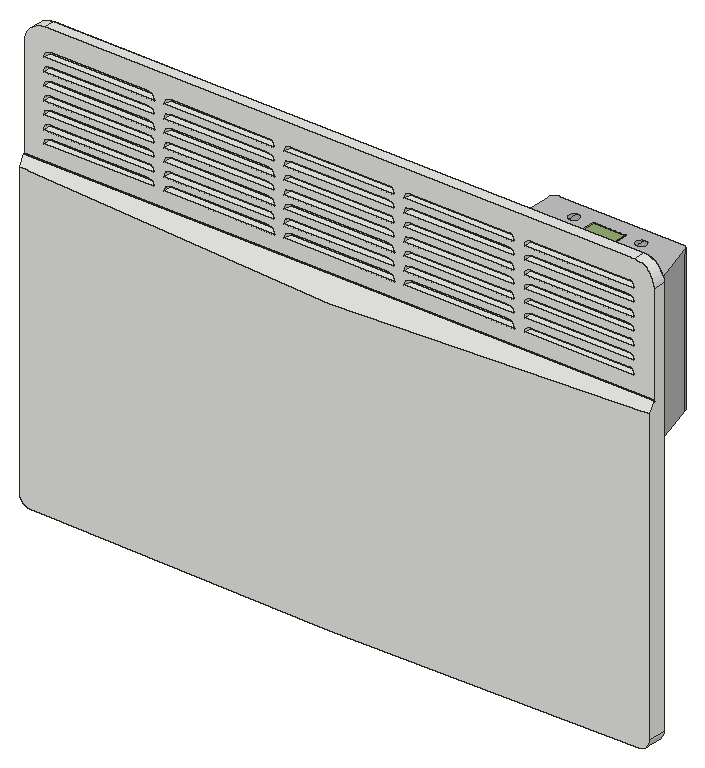
Revit family "Robuust 1500 SMART", category Generic Models, Revit 2018
Family settings
  Can host rebar = No
  Round Connector Dimension = Use Diameter
  Part Type = Normal
  Work Plane-Based = No
  Always vertical = Yes
  Cut with Voids When Loaded = No
  Shared = No
  Room Calculation Point = No
Parameters
  Voltage = 230 V
  URL = "https://masterwatt.nl/"
  Scherm = Scherm
  Power (default) = 1500 VA
  Phase = 1
  Model = "Robuust 1500 SMART"
  Manufacturer = "Masterwatt B.V."
  Lacquer = Lacquer White
  Hoogte = 450 mm
  Diepte = 118 mm
  Copyright = "Masterwatt B.V."  # constant formula
  Breedte = 656 mm
  Bedieningspaneel = Kunststof grijs mat
  Bedienings knoppen = Grijs kunststof reflective
  Art. No. = "430 751 500"
Reference planes
  plane 1 "Center (Front/Back)": y = 0
  plane 2: z = 0
  plane 3 "Center (Left/Right)": x = 0
  plane 4: y = -30
  plane 5: y = -118
  plane 6: y = -93
  plane 7: z = 450
  plane 8: z = 21
  plane 9: z = 428
  plane 10: z = 360
  plane 11: y = -80
  plane 12: z = 33
  plane 13: x = -391
  plane 14: x = 391
  plane 15: x = -328
  plane 16: x = 328
Forms (mm)
  Extrusion 1, solid, material "Lacquer White" <- "Lacquer"
    sketch origin (0, 0, 0) x (1, 0, 0) y (0, 0, 1)
      loop
        line (-317, 1) -> (317, 1)
        arc (317, 1) -> (324.071, 3.929) -> (327, 11) r 10
        line (327, 11) -> (327, 429)
        arc (327, 429) -> (321.142, 443.142) -> (307, 449) r 20
        line (307, 449) -> (-307, 449)
        arc (-307, 449) -> (-321.142, 443.142) -> (-327, 429) r 20
        line (-327, 429) -> (-327, 11)
        arc (-327, 11) -> (-324.071, 3.929) -> (-317, 1) r 10
    from 30 to 95
  Sweep 2, void
    path in 3D
      loop
        line (-260, -30, 0) -> (-260, -30, 370) -> (260, -30, 370) -> (260, -30, 0)
    profile origin (-260, -30, 185) x (0, 1, 0) y (-1, 0, 0)
      loop
        line (0, -0.796) -> (0, 89) -> (-63, 89) -> (-63, 54.399)
        arc (-63, 54.399) -> (-62.719, 53.131) -> (-61.928, 52.101) r 3
        line (-61.928, 52.101) -> (-0.714, 0.736)
        arc (-0.714, 0.736) -> (-0.187, 0.049) -> (0, -0.796) r 2
  Extrusion 3, void
    sketch origin (-63, 0, 0) x (1, 0, 0) y (0, 0, 1)
      loop
        line (-85, 300) -> (-85, 290) -> (-70, 290) -> (-70, 300) -> (-85, 300)
    from 30 to 40
  Extrusion 4, void
    sketch origin (208, 0, 0) x (1, 0, 0) y (0, 0, 1)
      loop
        line (-85, 300) -> (-85, 290) -> (-70, 290) -> (-70, 300) -> (-85, 300)
    from 30 to 40
  Extrusion 5, void
    sketch origin (0, 0, 0) x (0, 1, 0) y (0, 0, 1)
      loop
        line (-30.92, 32.779) -> (-79.233, 21.184)
        arc (-79.233, 21.184) -> (-79.785, 20.831) -> (-80, 20.212) r 1
        line (-80, 20.212) -> (-80, 1) -> (-30, 1) -> (-30, 33.946)
        arc (-30, 33.946) -> (-30.258, 33.203) -> (-30.92, 32.779) r 1.2
    from -370 to 370
  Extrusion 6, void
    sketch origin (0, 0, 0) x (1, 0, 0) y (0, 1, 0)
      loop
        line (-174, -95) -> (-174, -83) -> (-183, -83) -> (-183, -95) -> (-174, -95)
    from 1 to 16
  Extrusion 7, void
    sketch origin (12, 0, 0) x (1, 0, 0) y (0, 1, 0)
      loop
        line (-174, -95) -> (-174, -83) -> (-183, -83) -> (-183, -95) -> (-174, -95)
    from 1 to 16
  Extrusion 8, void
    sketch origin (24, 0, 0) x (1, 0, 0) y (0, 1, 0)
      loop
        line (-174, -95) -> (-174, -83) -> (-183, -83) -> (-183, -95) -> (-174, -95)
    from 1 to 16
  Extrusion 9, void
    sketch origin (36, 0, 0) x (1, 0, 0) y (0, 1, 0)
      loop
        line (-174, -95) -> (-174, -83) -> (-183, -83) -> (-183, -95) -> (-174, -95)
    from 1 to 16
  Extrusion 10, void
    sketch origin (48, 0, 0) x (1, 0, 0) y (0, 1, 0)
      loop
        line (-174, -95) -> (-174, -83) -> (-183, -83) -> (-183, -95) -> (-174, -95)
    from 1 to 16
  Extrusion 11, void
    sketch origin (60, 0, 0) x (1, 0, 0) y (0, 1, 0)
      loop
        line (-174, -95) -> (-174, -83) -> (-183, -83) -> (-183, -95) -> (-174, -95)
    from 1 to 16
  Extrusion 12, void
    sketch origin (72, 0, 0) x (1, 0, 0) y (0, 1, 0)
      loop
        line (-174, -95) -> (-174, -83) -> (-183, -83) -> (-183, -95) -> (-174, -95)
    from 1 to 16
  Extrusion 13, void
    sketch origin (84, 0, 0) x (1, 0, 0) y (0, 1, 0)
      loop
        line (-174, -95) -> (-174, -83) -> (-183, -83) -> (-183, -95) -> (-174, -95)
    from 1 to 16
  Extrusion 14, void
    sketch origin (96, 0, 0) x (1, 0, 0) y (0, 1, 0)
      loop
        line (-174, -95) -> (-174, -83) -> (-183, -83) -> (-183, -95) -> (-174, -95)
    from 1 to 16
  Extrusion 15, void
    sketch origin (108, 0, 0) x (1, 0, 0) y (0, 1, 0)
      loop
        line (-174, -95) -> (-174, -83) -> (-183, -83) -> (-183, -95) -> (-174, -95)
    from 1 to 16
  Extrusion 16, void
    sketch origin (120, 0, 0) x (1, 0, 0) y (0, 1, 0)
      loop
        line (-174, -95) -> (-174, -83) -> (-183, -83) -> (-183, -95) -> (-174, -95)
    from 1 to 16
  Extrusion 17, void
    sketch origin (132, 0, 0) x (1, 0, 0) y (0, 1, 0)
      loop
        line (-174, -95) -> (-174, -83) -> (-183, -83) -> (-183, -95) -> (-174, -95)
    from 1 to 16
  Extrusion 18, void
    sketch origin (144, 0, 0) x (1, 0, 0) y (0, 1, 0)
      loop
        line (-174, -95) -> (-174, -83) -> (-183, -83) -> (-183, -95) -> (-174, -95)
    from 1 to 16
  Extrusion 19, void
    sketch origin (156, 0, 0) x (1, 0, 0) y (0, 1, 0)
      loop
        line (-174, -95) -> (-174, -83) -> (-183, -83) -> (-183, -95) -> (-174, -95)
    from 1 to 16
  Extrusion 20, void
    sketch origin (168, 0, 0) x (1, 0, 0) y (0, 1, 0)
      loop
        line (-174, -95) -> (-174, -83) -> (-183, -83) -> (-183, -95) -> (-174, -95)
    from 1 to 16
  Extrusion 21, void
    sketch origin (180, 0, 0) x (1, 0, 0) y (0, 1, 0)
      loop
        line (-174, -95) -> (-174, -83) -> (-183, -83) -> (-183, -95) -> (-174, -95)
    from 1 to 16
  Extrusion 22, void
    sketch origin (192, 0, 0) x (1, 0, 0) y (0, 1, 0)
      loop
        line (-174, -95) -> (-174, -83) -> (-183, -83) -> (-183, -95) -> (-174, -95)
    from 1 to 16
  Extrusion 23, void
    sketch origin (204, 0, 0) x (1, 0, 0) y (0, 1, 0)
      loop
        line (-174, -95) -> (-174, -83) -> (-183, -83) -> (-183, -95) -> (-174, -95)
    from 1 to 16
  Extrusion 24, void
    sketch origin (216, 0, 0) x (1, 0, 0) y (0, 1, 0)
      loop
        line (-174, -95) -> (-174, -83) -> (-183, -83) -> (-183, -95) -> (-174, -95)
    from 1 to 16
  Extrusion 25, void
    sketch origin (228, 0, 0) x (1, 0, 0) y (0, 1, 0)
      loop
        line (-174, -95) -> (-174, -83) -> (-183, -83) -> (-183, -95) -> (-174, -95)
    from 1 to 16
  Extrusion 26, void
    sketch origin (240, 0, 0) x (1, 0, 0) y (0, 1, 0)
      loop
        line (-174, -95) -> (-174, -83) -> (-183, -83) -> (-183, -95) -> (-174, -95)
    from 1 to 16
  Extrusion 27, void
    sketch origin (252, 0, 0) x (1, 0, 0) y (0, 1, 0)
      loop
        line (-174, -95) -> (-174, -83) -> (-183, -83) -> (-183, -95) -> (-174, -95)
    from 1 to 16
  Extrusion 28, void
    sketch origin (264, 0, 0) x (1, 0, 0) y (0, 1, 0)
      loop
        line (-174, -95) -> (-174, -83) -> (-183, -83) -> (-183, -95) -> (-174, -95)
    from 1 to 16
  Extrusion 29, void
    sketch origin (276, 0, 0) x (1, 0, 0) y (0, 1, 0)
      loop
        line (-174, -95) -> (-174, -83) -> (-183, -83) -> (-183, -95) -> (-174, -95)
    from 1 to 16
  Extrusion 30, void
    sketch origin (288, 0, 0) x (1, 0, 0) y (0, 1, 0)
      loop
        line (-174, -95) -> (-174, -83) -> (-183, -83) -> (-183, -95) -> (-174, -95)
    from 1 to 16
  Extrusion 31, void
    sketch origin (300, 0, 0) x (1, 0, 0) y (0, 1, 0)
      loop
        line (-174, -95) -> (-174, -83) -> (-183, -83) -> (-183, -95) -> (-174, -95)
    from 1 to 16
  Extrusion 32, void
    sketch origin (312, 0, 0) x (1, 0, 0) y (0, 1, 0)
      loop
        line (-174, -95) -> (-174, -83) -> (-183, -83) -> (-183, -95) -> (-174, -95)
    from 1 to 16
  Extrusion 33, void
    sketch origin (324, 0, 0) x (1, 0, 0) y (0, 1, 0)
      loop
        line (-174, -95) -> (-174, -83) -> (-183, -83) -> (-183, -95) -> (-174, -95)
    from 1 to 16
  Extrusion 34, void
    sketch origin (336, 0, 0) x (1, 0, 0) y (0, 1, 0)
      loop
        line (-174, -95) -> (-174, -83) -> (-183, -83) -> (-183, -95) -> (-174, -95)
    from 1 to 16
  Extrusion 35, void
    sketch origin (348, 0, 0) x (1, 0, 0) y (0, 1, 0)
      loop
        line (-174, -95) -> (-174, -83) -> (-183, -83) -> (-183, -95) -> (-174, -95)
    from 1 to 16
  Extrusion 36, void
    sketch origin (0, 0, 0) x (1, 0, 0) y (0, 1, 0)
      loop
        line (174, -79) -> (174, -59) -> (165, -59) -> (165, -79) -> (174, -79)
      loop
        line (174, -54) -> (174, -34) -> (165, -34) -> (165, -54) -> (174, -54)
    from 21 to 41
  Extrusion 37, void
    sketch origin (-12, 0, 0) x (1, 0, 0) y (0, 1, 0)
      loop
        line (174, -79) -> (174, -59) -> (165, -59) -> (165, -79) -> (174, -79)
      loop
        line (174, -54) -> (174, -34) -> (165, -34) -> (165, -54) -> (174, -54)
    from 21 to 41
  Extrusion 38, void
    sketch origin (-24, 0, 0) x (1, 0, 0) y (0, 1, 0)
      loop
        line (174, -79) -> (174, -59) -> (165, -59) -> (165, -79) -> (174, -79)
      loop
        line (174, -54) -> (174, -34) -> (165, -34) -> (165, -54) -> (174, -54)
    from 21 to 41
  Extrusion 39, void
    sketch origin (-36, 0, 0) x (1, 0, 0) y (0, 1, 0)
      loop
        line (174, -79) -> (174, -59) -> (165, -59) -> (165, -79) -> (174, -79)
      loop
        line (174, -54) -> (174, -34) -> (165, -34) -> (165, -54) -> (174, -54)
    from 21 to 41
  Extrusion 40, void
    sketch origin (-48, 0, 0) x (1, 0, 0) y (0, 1, 0)
      loop
        line (174, -79) -> (174, -59) -> (165, -59) -> (165, -79) -> (174, -79)
      loop
        line (174, -54) -> (174, -34) -> (165, -34) -> (165, -54) -> (174, -54)
    from 21 to 41
  Extrusion 41, void
    sketch origin (-60, 0, 0) x (1, 0, 0) y (0, 1, 0)
      loop
        line (174, -79) -> (174, -59) -> (165, -59) -> (165, -79) -> (174, -79)
      loop
        line (174, -54) -> (174, -34) -> (165, -34) -> (165, -54) -> (174, -54)
    from 21 to 41
  Extrusion 42, void
    sketch origin (-72, 0, 0) x (1, 0, 0) y (0, 1, 0)
      loop
        line (174, -79) -> (174, -59) -> (165, -59) -> (165, -79) -> (174, -79)
      loop
        line (174, -54) -> (174, -34) -> (165, -34) -> (165, -54) -> (174, -54)
    from 21 to 41
  Extrusion 43, void
    sketch origin (-84, 0, 0) x (1, 0, 0) y (0, 1, 0)
      loop
        line (174, -79) -> (174, -59) -> (165, -59) -> (165, -79) -> (174, -79)
      loop
        line (174, -54) -> (174, -34) -> (165, -34) -> (165, -54) -> (174, -54)
    from 21 to 41
  Extrusion 44, void
    sketch origin (-96, 0, 0) x (1, 0, 0) y (0, 1, 0)
      loop
        line (174, -79) -> (174, -59) -> (165, -59) -> (165, -79) -> (174, -79)
      loop
        line (174, -54) -> (174, -34) -> (165, -34) -> (165, -54) -> (174, -54)
    from 21 to 41
  Extrusion 45, void
    sketch origin (-108, 0, 0) x (1, 0, 0) y (0, 1, 0)
      loop
        line (174, -79) -> (174, -59) -> (165, -59) -> (165, -79) -> (174, -79)
      loop
        line (174, -54) -> (174, -34) -> (165, -34) -> (165, -54) -> (174, -54)
    from 21 to 41
  Extrusion 46, void
    sketch origin (-120, 0, 0) x (1, 0, 0) y (0, 1, 0)
      loop
        line (174, -79) -> (174, -59) -> (165, -59) -> (165, -79) -> (174, -79)
      loop
        line (174, -54) -> (174, -34) -> (165, -34) -> (165, -54) -> (174, -54)
    from 21 to 41
  Extrusion 47, void
    sketch origin (-132, 0, 0) x (1, 0, 0) y (0, 1, 0)
      loop
        line (174, -79) -> (174, -59) -> (165, -59) -> (165, -79) -> (174, -79)
      loop
        line (174, -54) -> (174, -34) -> (165, -34) -> (165, -54) -> (174, -54)
    from 21 to 41
  Extrusion 48, void
    sketch origin (-144, 0, 0) x (1, 0, 0) y (0, 1, 0)
      loop
        line (174, -79) -> (174, -59) -> (165, -59) -> (165, -79) -> (174, -79)
      loop
        line (174, -54) -> (174, -34) -> (165, -34) -> (165, -54) -> (174, -54)
    from 21 to 41
  Extrusion 49, void
    sketch origin (-156, 0, 0) x (1, 0, 0) y (0, 1, 0)
      loop
        line (174, -79) -> (174, -59) -> (165, -59) -> (165, -79) -> (174, -79)
      loop
        line (174, -54) -> (174, -34) -> (165, -34) -> (165, -54) -> (174, -54)
    from 21 to 41
  Extrusion 50, void
    sketch origin (-168, 0, 0) x (1, 0, 0) y (0, 1, 0)
      loop
        line (174, -79) -> (174, -59) -> (165, -59) -> (165, -79) -> (174, -79)
      loop
        line (174, -54) -> (174, -34) -> (165, -34) -> (165, -54) -> (174, -54)
    from 21 to 41
  Extrusion 51, void
    sketch origin (-180, 0, 0) x (1, 0, 0) y (0, 1, 0)
      loop
        line (174, -79) -> (174, -59) -> (165, -59) -> (165, -79) -> (174, -79)
      loop
        line (174, -54) -> (174, -34) -> (165, -34) -> (165, -54) -> (174, -54)
    from 21 to 41
  Extrusion 52, void
    sketch origin (-192, 0, 0) x (1, 0, 0) y (0, 1, 0)
      loop
        line (174, -79) -> (174, -59) -> (165, -59) -> (165, -79) -> (174, -79)
      loop
        line (174, -54) -> (174, -34) -> (165, -34) -> (165, -54) -> (174, -54)
    from 21 to 41
  Extrusion 53, void
    sketch origin (-204, 0, 0) x (1, 0, 0) y (0, 1, 0)
      loop
        line (174, -79) -> (174, -59) -> (165, -59) -> (165, -79) -> (174, -79)
      loop
        line (174, -54) -> (174, -34) -> (165, -34) -> (165, -54) -> (174, -54)
    from 21 to 41
  Extrusion 54, void
    sketch origin (-216, 0, 0) x (1, 0, 0) y (0, 1, 0)
      loop
        line (174, -79) -> (174, -59) -> (165, -59) -> (165, -79) -> (174, -79)
      loop
        line (174, -54) -> (174, -34) -> (165, -34) -> (165, -54) -> (174, -54)
    from 21 to 41
  Extrusion 55, void
    sketch origin (-228, 0, 0) x (1, 0, 0) y (0, 1, 0)
      loop
        line (174, -79) -> (174, -59) -> (165, -59) -> (165, -79) -> (174, -79)
      loop
        line (174, -54) -> (174, -34) -> (165, -34) -> (165, -54) -> (174, -54)
    from 21 to 41
  Extrusion 56, void
    sketch origin (-240, 0, 0) x (1, 0, 0) y (0, 1, 0)
      loop
        line (174, -79) -> (174, -59) -> (165, -59) -> (165, -79) -> (174, -79)
      loop
        line (174, -54) -> (174, -34) -> (165, -34) -> (165, -54) -> (174, -54)
    from 21 to 41
  Extrusion 57, void
    sketch origin (-252, 0, 0) x (1, 0, 0) y (0, 1, 0)
      loop
        line (174, -79) -> (174, -59) -> (165, -59) -> (165, -79) -> (174, -79)
      loop
        line (174, -54) -> (174, -34) -> (165, -34) -> (165, -54) -> (174, -54)
    from 21 to 41
  Extrusion 58, void
    sketch origin (-264, 0, 0) x (1, 0, 0) y (0, 1, 0)
      loop
        line (174, -79) -> (174, -59) -> (165, -59) -> (165, -79) -> (174, -79)
      loop
        line (174, -54) -> (174, -34) -> (165, -34) -> (165, -54) -> (174, -54)
    from 21 to 41
  Extrusion 59, void
    sketch origin (-276, 0, 0) x (1, 0, 0) y (0, 1, 0)
      loop
        line (174, -79) -> (174, -59) -> (165, -59) -> (165, -79) -> (174, -79)
      loop
        line (174, -54) -> (174, -34) -> (165, -34) -> (165, -54) -> (174, -54)
    from 21 to 41
  Extrusion 60, void
    sketch origin (-288, 0, 0) x (1, 0, 0) y (0, 1, 0)
      loop
        line (174, -79) -> (174, -59) -> (165, -59) -> (165, -79) -> (174, -79)
      loop
        line (174, -54) -> (174, -34) -> (165, -34) -> (165, -54) -> (174, -54)
    from 21 to 41
  Extrusion 61, void
    sketch origin (-300, 0, 0) x (1, 0, 0) y (0, 1, 0)
      loop
        line (174, -79) -> (174, -59) -> (165, -59) -> (165, -79) -> (174, -79)
      loop
        line (174, -54) -> (174, -34) -> (165, -34) -> (165, -54) -> (174, -54)
    from 21 to 41
  Extrusion 62, void
    sketch origin (-312, 0, 0) x (1, 0, 0) y (0, 1, 0)
      loop
        line (174, -79) -> (174, -59) -> (165, -59) -> (165, -79) -> (174, -79)
      loop
        line (174, -54) -> (174, -34) -> (165, -34) -> (165, -54) -> (174, -54)
    from 21 to 41
  Extrusion 63, void
    sketch origin (-324, 0, 0) x (1, 0, 0) y (0, 1, 0)
      loop
        line (174, -79) -> (174, -59) -> (165, -59) -> (165, -79) -> (174, -79)
      loop
        line (174, -54) -> (174, -34) -> (165, -34) -> (165, -54) -> (174, -54)
    from 21 to 41
  Extrusion 64, void
    sketch origin (-336, 0, 0) x (1, 0, 0) y (0, 1, 0)
      loop
        line (174, -79) -> (174, -59) -> (165, -59) -> (165, -79) -> (174, -79)
      loop
        line (174, -54) -> (174, -34) -> (165, -34) -> (165, -54) -> (174, -54)
    from 21 to 41
  Extrusion 65, void
    sketch origin (-348, 0, 0) x (1, 0, 0) y (0, 1, 0)
      loop
        line (174, -79) -> (174, -59) -> (165, -59) -> (165, -79) -> (174, -79)
      loop
        line (174, -54) -> (174, -34) -> (165, -34) -> (165, -54) -> (174, -54)
    from 21 to 41
  Extrusion 66, void
    sketch origin (63, 0, 0) x (1, 0, 0) y (0, 1, 0)
      loop
        line (175, -78) -> (184, -78) -> (184, -60) -> (175, -60) -> (175, -78)
      loop
        line (175, -52) -> (184, -52) -> (184, -34) -> (175, -34) -> (175, -52)
    from 21 to 41
  Extrusion 67, void
    sketch origin (63, 0, 0) x (1, 0, 0) y (0, 0, 1)
      loop
        line (145, 159) -> (145, 167) -> (137, 167) -> (137, 159) -> (145, 159)
    from 30 to 40
  Extrusion 68, void
    sketch origin (-63, 0, 0) x (-1, 0, 0) y (0, 0, -1)
      loop
        line (145, -159) -> (137, -159) -> (137, -167) -> (145, -167) -> (145, -159)
    from 30 to 40
  Extrusion 69, solid, material "Lacquer White" <- "Lacquer"
    sketch origin (0, 0, 0) x (1, 0, 0) y (0, 0, 1)
      loop
        line (-328, 429) -> (-328, 11)
        arc (-328, 11) -> (-324.778, 3.222) -> (-317, 0) r 11
        line (-317, 0) -> (317, 0)
        arc (317, 0) -> (324.778, 3.222) -> (328, 11) r 11
        line (328, 11) -> (328, 429)
        arc (328, 429) -> (321.849, 443.849) -> (307, 450) r 21
        line (307, 450) -> (-307, 450)
        arc (-307, 450) -> (-321.849, 443.849) -> (-328, 429) r 21
    from 94 to 118
  Extrusion 70, void
    sketch origin (0, 0, 0) x (0, 1, 0) y (0, 0, 1)
      loop
        line (-106, 450) -> (-118, 450) -> (-118, 305) -> (-106.214, 324.644)
        arc (-106.214, 324.644) -> (-106.054, 325.015) -> (-106, 325.415) r 1.5
        line (-106, 325.415) -> (-106, 450)
    from -328 to 328
  Extrusion 71, void
    sketch origin (0, 0, 0) x (1, 0, 0) y (0, 1, 0)
      loop
        line (328, -128) -> (328, -112)
        arc (328, -112) -> (0, -118) -> (-328, -112) r 8968.333
        line (-328, -112) -> (-328, -128) -> (328, -128)
    from 0 to 320
  Extrusion 72, void
    sketch origin (-62.5, 0, 0) x (1, 0, 0) y (0, 0, 1)
      loop
        arc (-113, 429) -> (-117.95, 426.95) -> (-120, 422) r 7
        line (-120, 422) -> (-5, 422)
        arc (-5, 422) -> (-7.05, 426.95) -> (-12, 429) r 7
        line (-12, 429) -> (-113, 429)
    from 98 to 106
  Extrusion 73, void
    sketch origin (-62.5, 0, -13.5) x (1, 0, 0) y (0, 0, 1)
      loop
        arc (-113, 429) -> (-117.95, 426.95) -> (-120, 422) r 7
        line (-120, 422) -> (-5, 422)
        arc (-5, 422) -> (-7.05, 426.95) -> (-12, 429) r 7
        line (-12, 429) -> (-113, 429)
    from 98 to 106
  Extrusion 74, void
    sketch origin (-62.5, 0, -27) x (1, 0, 0) y (0, 0, 1)
      loop
        arc (-113, 429) -> (-117.95, 426.95) -> (-120, 422) r 7
        line (-120, 422) -> (-5, 422)
        arc (-5, 422) -> (-7.05, 426.95) -> (-12, 429) r 7
        line (-12, 429) -> (-113, 429)
    from 98 to 106
  Extrusion 75, void
    sketch origin (-62.5, 0, -40.5) x (1, 0, 0) y (0, 0, 1)
      loop
        arc (-113, 429) -> (-117.95, 426.95) -> (-120, 422) r 7
        line (-120, 422) -> (-5, 422)
        arc (-5, 422) -> (-7.05, 426.95) -> (-12, 429) r 7
        line (-12, 429) -> (-113, 429)
    from 98 to 106
  Extrusion 76, void
    sketch origin (-62.5, 0, -54) x (1, 0, 0) y (0, 0, 1)
      loop
        arc (-113, 429) -> (-117.95, 426.95) -> (-120, 422) r 7
        line (-120, 422) -> (-5, 422)
        arc (-5, 422) -> (-7.05, 426.95) -> (-12, 429) r 7
        line (-12, 429) -> (-113, 429)
    from 98 to 106
  Extrusion 77, void
    sketch origin (-62.5, 0, -67.5) x (1, 0, 0) y (0, 0, 1)
      loop
        arc (-113, 429) -> (-117.95, 426.95) -> (-120, 422) r 7
        line (-120, 422) -> (-5, 422)
        arc (-5, 422) -> (-7.05, 426.95) -> (-12, 429) r 7
        line (-12, 429) -> (-113, 429)
    from 98 to 106
  Extrusion 78, void
    sketch origin (-62.5, 0, -81) x (1, 0, 0) y (0, 0, 1)
      loop
        arc (-113, 429) -> (-117.95, 426.95) -> (-120, 422) r 7
        line (-120, 422) -> (-5, 422)
        arc (-5, 422) -> (-7.05, 426.95) -> (-12, 429) r 7
        line (-12, 429) -> (-113, 429)
    from 98 to 106
  Extrusion 79, void
    sketch origin (-187.5, 0, 0) x (1, 0, 0) y (0, 0, 1)
      loop
        arc (-113, 429) -> (-117.95, 426.95) -> (-120, 422) r 7
        line (-120, 422) -> (-5, 422)
        arc (-5, 422) -> (-7.05, 426.95) -> (-12, 429) r 7
        line (-12, 429) -> (-113, 429)
    from 98 to 106
  Extrusion 80, void
    sketch origin (-187.5, 0, -13.5) x (1, 0, 0) y (0, 0, 1)
      loop
        arc (-113, 429) -> (-117.95, 426.95) -> (-120, 422) r 7
        line (-120, 422) -> (-5, 422)
        arc (-5, 422) -> (-7.05, 426.95) -> (-12, 429) r 7
        line (-12, 429) -> (-113, 429)
    from 98 to 106
  Extrusion 81, void
    sketch origin (-187.5, 0, -27) x (1, 0, 0) y (0, 0, 1)
      loop
        arc (-113, 429) -> (-117.95, 426.95) -> (-120, 422) r 7
        line (-120, 422) -> (-5, 422)
        arc (-5, 422) -> (-7.05, 426.95) -> (-12, 429) r 7
        line (-12, 429) -> (-113, 429)
    from 98 to 106
  Extrusion 82, void
    sketch origin (-187.5, 0, -40.5) x (1, 0, 0) y (0, 0, 1)
      loop
        arc (-113, 429) -> (-117.95, 426.95) -> (-120, 422) r 7
        line (-120, 422) -> (-5, 422)
        arc (-5, 422) -> (-7.05, 426.95) -> (-12, 429) r 7
        line (-12, 429) -> (-113, 429)
    from 98 to 106
  Extrusion 83, void
    sketch origin (-187.5, 0, -54) x (1, 0, 0) y (0, 0, 1)
      loop
        arc (-113, 429) -> (-117.95, 426.95) -> (-120, 422) r 7
        line (-120, 422) -> (-5, 422)
        arc (-5, 422) -> (-7.05, 426.95) -> (-12, 429) r 7
        line (-12, 429) -> (-113, 429)
    from 98 to 106
  Extrusion 84, void
    sketch origin (-187.5, 0, -67.5) x (1, 0, 0) y (0, 0, 1)
      loop
        arc (-113, 429) -> (-117.95, 426.95) -> (-120, 422) r 7
        line (-120, 422) -> (-5, 422)
        arc (-5, 422) -> (-7.05, 426.95) -> (-12, 429) r 7
        line (-12, 429) -> (-113, 429)
    from 98 to 106
  Extrusion 85, void
    sketch origin (-187.5, 0, -81) x (1, 0, 0) y (0, 0, 1)
      loop
        arc (-113, 429) -> (-117.95, 426.95) -> (-120, 422) r 7
        line (-120, 422) -> (-5, 422)
        arc (-5, 422) -> (-7.05, 426.95) -> (-12, 429) r 7
        line (-12, 429) -> (-113, 429)
    from 98 to 106
  Extrusion 86, void
    sketch origin (-62.5, 0, 0) x (-1, 0, 0) y (0, 0, -1)
      loop
        line (-113, -429) -> (-12, -429)
        arc (-12, -429) -> (-7.05, -426.95) -> (-5, -422) r 7
        line (-5, -422) -> (-120, -422)
        arc (-120, -422) -> (-117.95, -426.95) -> (-113, -429) r 7
    from 98 to 106
  Extrusion 87, void
    sketch origin (-62.5, 0, -13.5) x (-1, 0, 0) y (0, 0, -1)
      loop
        line (-113, -429) -> (-12, -429)
        arc (-12, -429) -> (-7.05, -426.95) -> (-5, -422) r 7
        line (-5, -422) -> (-120, -422)
        arc (-120, -422) -> (-117.95, -426.95) -> (-113, -429) r 7
    from 98 to 106
  Extrusion 88, void
    sketch origin (-62.5, 0, -27) x (-1, 0, 0) y (0, 0, -1)
      loop
        line (-113, -429) -> (-12, -429)
        arc (-12, -429) -> (-7.05, -426.95) -> (-5, -422) r 7
        line (-5, -422) -> (-120, -422)
        arc (-120, -422) -> (-117.95, -426.95) -> (-113, -429) r 7
    from 98 to 106
  Extrusion 89, void
    sketch origin (-62.5, 0, -40.5) x (-1, 0, 0) y (0, 0, -1)
      loop
        line (-113, -429) -> (-12, -429)
        arc (-12, -429) -> (-7.05, -426.95) -> (-5, -422) r 7
        line (-5, -422) -> (-120, -422)
        arc (-120, -422) -> (-117.95, -426.95) -> (-113, -429) r 7
    from 98 to 106
  Extrusion 90, void
    sketch origin (-62.5, 0, -54) x (-1, 0, 0) y (0, 0, -1)
      loop
        line (-113, -429) -> (-12, -429)
        arc (-12, -429) -> (-7.05, -426.95) -> (-5, -422) r 7
        line (-5, -422) -> (-120, -422)
        arc (-120, -422) -> (-117.95, -426.95) -> (-113, -429) r 7
    from 98 to 106
  Extrusion 91, void
    sketch origin (-62.5, 0, -67.5) x (-1, 0, 0) y (0, 0, -1)
      loop
        line (-113, -429) -> (-12, -429)
        arc (-12, -429) -> (-7.05, -426.95) -> (-5, -422) r 7
        line (-5, -422) -> (-120, -422)
        arc (-120, -422) -> (-117.95, -426.95) -> (-113, -429) r 7
    from 98 to 106
  Extrusion 92, void
    sketch origin (-62.5, 0, -81) x (-1, 0, 0) y (0, 0, -1)
      loop
        line (-113, -429) -> (-12, -429)
        arc (-12, -429) -> (-7.05, -426.95) -> (-5, -422) r 7
        line (-5, -422) -> (-120, -422)
        arc (-120, -422) -> (-117.95, -426.95) -> (-113, -429) r 7
    from 98 to 106
  Extrusion 93, void
    sketch origin (62.5, 0, 0) x (-1, 0, 0) y (0, 0, -1)
      loop
        line (-113, -429) -> (-12, -429)
        arc (-12, -429) -> (-7.05, -426.95) -> (-5, -422) r 7
        line (-5, -422) -> (-120, -422)
        arc (-120, -422) -> (-117.95, -426.95) -> (-113, -429) r 7
    from 98 to 106
  Extrusion 94, void
    sketch origin (62.5, 0, -13.5) x (-1, 0, 0) y (0, 0, -1)
      loop
        line (-113, -429) -> (-12, -429)
        arc (-12, -429) -> (-7.05, -426.95) -> (-5, -422) r 7
        line (-5, -422) -> (-120, -422)
        arc (-120, -422) -> (-117.95, -426.95) -> (-113, -429) r 7
    from 98 to 106
  Extrusion 95, void
    sketch origin (62.5, 0, -27) x (-1, 0, 0) y (0, 0, -1)
      loop
        line (-113, -429) -> (-12, -429)
        arc (-12, -429) -> (-7.05, -426.95) -> (-5, -422) r 7
        line (-5, -422) -> (-120, -422)
        arc (-120, -422) -> (-117.95, -426.95) -> (-113, -429) r 7
    from 98 to 106
  Extrusion 96, void
    sketch origin (62.5, 0, -40.5) x (-1, 0, 0) y (0, 0, -1)
      loop
        line (-113, -429) -> (-12, -429)
        arc (-12, -429) -> (-7.05, -426.95) -> (-5, -422) r 7
        line (-5, -422) -> (-120, -422)
        arc (-120, -422) -> (-117.95, -426.95) -> (-113, -429) r 7
    from 98 to 106
  Extrusion 97, void
    sketch origin (62.5, 0, -54) x (-1, 0, 0) y (0, 0, -1)
      loop
        line (-113, -429) -> (-12, -429)
        arc (-12, -429) -> (-7.05, -426.95) -> (-5, -422) r 7
        line (-5, -422) -> (-120, -422)
        arc (-120, -422) -> (-117.95, -426.95) -> (-113, -429) r 7
    from 98 to 106
  Extrusion 98, void
    sketch origin (62.5, 0, -67.5) x (-1, 0, 0) y (0, 0, -1)
      loop
        line (-113, -429) -> (-12, -429)
        arc (-12, -429) -> (-7.05, -426.95) -> (-5, -422) r 7
        line (-5, -422) -> (-120, -422)
        arc (-120, -422) -> (-117.95, -426.95) -> (-113, -429) r 7
    from 98 to 106
  Extrusion 99, void
    sketch origin (62.5, 0, -81) x (-1, 0, 0) y (0, 0, -1)
      loop
        line (-113, -429) -> (-12, -429)
        arc (-12, -429) -> (-7.05, -426.95) -> (-5, -422) r 7
        line (-5, -422) -> (-120, -422)
        arc (-120, -422) -> (-117.95, -426.95) -> (-113, -429) r 7
    from 98 to 106
  Extrusion 100, solid, material "Kunststof grijs mat" <- "Bedieningspaneel"
    sketch origin (63, 0, 0) x (1, 0, 0) y (0, 1, 0)
      loop
        line (252, -93) -> (230.517, -22.948)
        arc (230.517, -22.948) -> (227.986, -19.371) -> (223.825, -18) r 7
        line (223.825, -18) -> (96, -18)
        arc (96, -18) -> (91.05, -20.05) -> (89, -25) r 7
        line (89, -25) -> (89, -93) -> (252, -93)
    from 267 to 429
  Extrusion 101, void
    sketch origin (63, 0, 0) x (1, 0, 0) y (0, 1, 0)
      loop
        line (223.825, -18) -> (96, -18)
        arc (96, -18) -> (91.05, -20.05) -> (89, -25) r 7
        line (89, -25) -> (89, -77) -> (247.093, -77) -> (230.517, -22.948)
        arc (230.517, -22.948) -> (227.986, -19.371) -> (223.825, -18) r 7
    from 417 to 429
  Extrusion 102, solid, material "Kunststof grijs mat" <- "Bedieningspaneel"
    sketch origin (63, 0, 0) x (1, 0, 0) y (0, 0, 1)
      loop
        line (252, 429) -> (251, 429) -> (251, 267) -> (252, 267)
        arc (252, 267) -> (256.243, 268.757) -> (258, 273) r 6
        line (258, 273) -> (258, 423)
        arc (258, 423) -> (256.243, 427.243) -> (252, 429) r 6
    from 90 to 93
  Extrusion 103, solid, material "Kunststof grijs mat" <- "Bedieningspaneel"
    sketch origin (0, 0, 0) x (0, 1, 0) y (0, 0, 1)
      loop
        arc (-93, 424.399) -> (-92.719, 423.131) -> (-91.928, 422.101) r 3
        line (-91.928, 422.101) -> (-30.714, 370.736)
        arc (-30.714, 370.736) -> (-30.187, 370.049) -> (-30, 369.204) r 2
        line (-30, 369.204) -> (-30, 267) -> (-27, 267) -> (-27, 369.204)
        arc (-27, 369.204) -> (-27.468, 371.317) -> (-28.786, 373.034) r 5
        line (-28.786, 373.034) -> (-90, 424.399) -> (-90, 429) -> (-93, 429) -> (-93, 424.399)
    from 141 to 152
  Extrusion 104, void
    sketch origin (63, 0, 0) x (1, 0, 0) y (0, 0, 1)
      loop
        line (84, 429) -> (78, 429) -> (78, 423)
        arc (78, 423) -> (79.757, 427.243) -> (84, 429) r 6
      loop
        line (78, 267) -> (84, 267)
        arc (84, 267) -> (79.757, 268.757) -> (78, 273) r 6
        line (78, 273) -> (78, 267)
    from 27 to 93
  Extrusion 105, void
    sketch origin (63, 0, 0) x (1, 0, 0) y (0, 0, 1)
      loop
        line (244.093, 427.4) -> (228.093, 427.4) -> (228.093, 423.4) -> (244.093, 423.4) -> (244.093, 427.4)
      loop
        line (92, 427.4) -> (92, 423.4) -> (108, 423.4) -> (108, 427.4) -> (92, 427.4)
      loop
        line (92, 417) -> (108, 417) -> (108, 421) -> (92, 421) -> (92, 417)
      loop
        line (244.093, 417) -> (244.093, 421) -> (228.093, 421) -> (228.093, 417) -> (244.093, 417)
      loop
        line (225.293, 423.4) -> (225.293, 427.4) -> (209.293, 427.4) -> (209.293, 423.4) -> (225.293, 423.4)
      loop
        line (225.293, 417) -> (225.293, 421) -> (209.293, 421) -> (209.293, 417) -> (225.293, 417)
      loop
        line (206.493, 423.4) -> (206.493, 427.4) -> (190.493, 427.4) -> (190.493, 423.4) -> (206.493, 423.4)
      loop
        line (206.493, 417) -> (206.493, 421) -> (190.493, 421) -> (190.493, 417) -> (206.493, 417)
      loop
        line (187.693, 423.4) -> (187.693, 427.4) -> (171.693, 427.4) -> (171.693, 423.4) -> (187.693, 423.4)
      loop
        line (187.693, 417) -> (187.693, 421) -> (171.693, 421) -> (171.693, 417) -> (187.693, 417)
      loop
        line (164.4, 427.4) -> (148.4, 427.4) -> (148.4, 423.4) -> (164.4, 423.4) -> (164.4, 427.4)
      loop
        line (164.4, 417) -> (164.4, 421) -> (148.4, 421) -> (148.4, 417) -> (164.4, 417)
      loop
        line (145.6, 423.4) -> (145.6, 427.4) -> (129.6, 427.4) -> (129.6, 423.4) -> (145.6, 423.4)
      loop
        line (145.6, 417) -> (145.6, 421) -> (129.6, 421) -> (129.6, 417) -> (145.6, 417)
      loop
        line (126.8, 423.4) -> (126.8, 427.4) -> (110.8, 427.4) -> (110.8, 423.4) -> (126.8, 423.4)
      loop
        line (126.8, 417) -> (126.8, 421) -> (110.8, 421) -> (110.8, 417) -> (126.8, 417)
    from 77 to 85
  Extrusion 106, void
    sketch origin (63, 0, 0) x (1, 0, 0) y (0, 0, 1)
      loop
        line (244.093, 423.4) -> (244.093, 427.4) -> (92, 427.4) -> (92, 423.4) -> (244.093, 423.4)
      loop
        line (244.093, 417) -> (244.093, 421) -> (92, 421) -> (92, 417) -> (244.093, 417)
    from 77 to 79
  Extrusion 107, void
    sketch origin (63, 0, 0) x (1, 0, 0) y (0, 0, 1)
      loop
        line (97, 295) -> (223, 295) -> (223, 346) -> (213, 346) -> (213, 356.6) -> (223, 356.6) -> (223, 394) -> (97, 394) -> (97, 295)
      loop
        line (215, 347.3) -> (223, 347.3) -> (223, 355.3) -> (215, 355.3) -> (215, 347.3)
    from 18 to 29.5
  Extrusion 108, solid, material "Kunststof grijs mat" <- "Bedieningspaneel"
    sketch origin (0, 0, 0) x (0, 1, 0) y (0, 0, 1)
      loop
        line (-19.6, 392.6) -> (-29, 392.6) -> (-29, 391) -> (-18, 391) -> (-19.6, 392.6)
    from 160 to 286
  Extrusion 109, solid, material "Kunststof grijs mat" <- "Bedieningspaneel"
    sketch origin (0, 0, -3) x (0, 1, 0) y (0, 0, 1)
      loop
        line (-19.6, 392.6) -> (-29, 392.6) -> (-29, 391) -> (-18, 391) -> (-19.6, 392.6)
    from 160 to 286
  Extrusion 110, solid, material "Kunststof grijs mat" <- "Bedieningspaneel"
    sketch origin (0, 0, -6) x (0, 1, 0) y (0, 0, 1)
      loop
        line (-19.6, 392.6) -> (-29, 392.6) -> (-29, 391) -> (-18, 391) -> (-19.6, 392.6)
    from 160 to 286
  Extrusion 111, solid, material "Kunststof grijs mat" <- "Bedieningspaneel"
    sketch origin (0, 0, -9) x (0, 1, 0) y (0, 0, 1)
      loop
        line (-19.6, 392.6) -> (-29, 392.6) -> (-29, 391) -> (-18, 391) -> (-19.6, 392.6)
    from 160 to 286
  Extrusion 112, solid, material "Kunststof grijs mat" <- "Bedieningspaneel"
    sketch origin (0, 0, -12) x (0, 1, 0) y (0, 0, 1)
      loop
        line (-19.6, 392.6) -> (-29, 392.6) -> (-29, 391) -> (-18, 391) -> (-19.6, 392.6)
    from 160 to 286
  Extrusion 113, solid, material "Kunststof grijs mat" <- "Bedieningspaneel"
    sketch origin (0, 0, -15) x (0, 1, 0) y (0, 0, 1)
      loop
        line (-19.6, 392.6) -> (-29, 392.6) -> (-29, 391) -> (-18, 391) -> (-19.6, 392.6)
    from 160 to 286
  Extrusion 114, solid, material "Kunststof grijs mat" <- "Bedieningspaneel"
    sketch origin (0, 0, -18) x (0, 1, 0) y (0, 0, 1)
      loop
        line (-19.6, 392.6) -> (-29, 392.6) -> (-29, 391) -> (-18, 391) -> (-19.6, 392.6)
    from 160 to 286
  Extrusion 115, solid, material "Kunststof grijs mat" <- "Bedieningspaneel"
    sketch origin (0, 0, -21) x (0, 1, 0) y (0, 0, 1)
      loop
        line (-19.6, 392.6) -> (-29, 392.6) -> (-29, 391) -> (-18, 391) -> (-19.6, 392.6)
    from 160 to 286
  Extrusion 116, solid, material "Kunststof grijs mat" <- "Bedieningspaneel"
    sketch origin (0, 0, -24) x (0, 1, 0) y (0, 0, 1)
      loop
        line (-19.6, 392.6) -> (-29, 392.6) -> (-29, 391) -> (-18, 391) -> (-19.6, 392.6)
    from 160 to 286
  Extrusion 117, solid, material "Kunststof grijs mat" <- "Bedieningspaneel"
    sketch origin (0, 0, -27) x (0, 1, 0) y (0, 0, 1)
      loop
        line (-19.6, 392.6) -> (-29, 392.6) -> (-29, 391) -> (-18, 391) -> (-19.6, 392.6)
    from 160 to 286
  Extrusion 118, solid, material "Kunststof grijs mat" <- "Bedieningspaneel"
    sketch origin (0, 0, -30) x (0, 1, 0) y (0, 0, 1)
      loop
        line (-19.6, 392.6) -> (-29, 392.6) -> (-29, 391) -> (-18, 391) -> (-19.6, 392.6)
    from 160 to 286
  Extrusion 119, solid, material "Kunststof grijs mat" <- "Bedieningspaneel"
    sketch origin (0, 0, -33) x (0, 1, 0) y (0, 0, 1)
      loop
        line (-19.6, 392.6) -> (-29, 392.6) -> (-29, 391) -> (-18, 391) -> (-19.6, 392.6)
    from 160 to 286
  Extrusion 120, solid, material "Kunststof grijs mat" <- "Bedieningspaneel"
    sketch origin (0, 0, -36) x (0, 1, 0) y (0, 0, 1)
      loop
        line (-19.6, 392.6) -> (-29, 392.6) -> (-29, 391) -> (-18, 391) -> (-19.6, 392.6)
    from 160 to 276
  Extrusion 121, solid, material "Kunststof grijs mat" <- "Bedieningspaneel"
    sketch origin (0, 0, -39) x (0, 1, 0) y (0, 0, 1)
      loop
        line (-19.6, 392.6) -> (-29, 392.6) -> (-29, 391) -> (-18, 391) -> (-19.6, 392.6)
    from 160 to 276
  Extrusion 122, solid, material "Kunststof grijs mat" <- "Bedieningspaneel"
    sketch origin (0, 0, -42) x (0, 1, 0) y (0, 0, 1)
      loop
        line (-19.6, 392.6) -> (-29, 392.6) -> (-29, 391) -> (-18, 391) -> (-19.6, 392.6)
    from 160 to 276
  Extrusion 123, solid, material "Kunststof grijs mat" <- "Bedieningspaneel"
    sketch origin (0, 0, -45) x (0, 1, 0) y (0, 0, 1)
      loop
        line (-19.6, 392.6) -> (-29, 392.6) -> (-29, 391) -> (-18, 391) -> (-19.6, 392.6)
    from 160 to 276
  Extrusion 124, solid, material "Kunststof grijs mat" <- "Bedieningspaneel"
    sketch origin (0, 0, -48) x (0, 1, 0) y (0, 0, 1)
      loop
        line (-19.6, 392.6) -> (-29, 392.6) -> (-29, 391) -> (-18, 391) -> (-19.6, 392.6)
    from 160 to 286
  Extrusion 125, solid, material "Kunststof grijs mat" <- "Bedieningspaneel"
    sketch origin (0, 0, -51) x (0, 1, 0) y (0, 0, 1)
      loop
        line (-19.6, 392.6) -> (-29, 392.6) -> (-29, 391) -> (-18, 391) -> (-19.6, 392.6)
    from 160 to 286
  Extrusion 126, solid, material "Kunststof grijs mat" <- "Bedieningspaneel"
    sketch origin (0, 0, -54) x (0, 1, 0) y (0, 0, 1)
      loop
        line (-19.6, 392.6) -> (-29, 392.6) -> (-29, 391) -> (-18, 391) -> (-19.6, 392.6)
    from 160 to 286
  Extrusion 127, solid, material "Kunststof grijs mat" <- "Bedieningspaneel"
    sketch origin (0, 0, -57) x (0, 1, 0) y (0, 0, 1)
      loop
        line (-19.6, 392.6) -> (-29, 392.6) -> (-29, 391) -> (-18, 391) -> (-19.6, 392.6)
    from 160 to 286
  Extrusion 128, solid, material "Kunststof grijs mat" <- "Bedieningspaneel"
    sketch origin (0, 0, -60) x (0, 1, 0) y (0, 0, 1)
      loop
        line (-19.6, 392.6) -> (-29, 392.6) -> (-29, 391) -> (-18, 391) -> (-19.6, 392.6)
    from 160 to 286
  Extrusion 129, solid, material "Kunststof grijs mat" <- "Bedieningspaneel"
    sketch origin (0, 0, -63) x (0, 1, 0) y (0, 0, 1)
      loop
        line (-19.6, 392.6) -> (-29, 392.6) -> (-29, 391) -> (-18, 391) -> (-19.6, 392.6)
    from 160 to 286
  Extrusion 130, solid, material "Kunststof grijs mat" <- "Bedieningspaneel"
    sketch origin (0, 0, -66) x (0, 1, 0) y (0, 0, 1)
      loop
        line (-19.6, 392.6) -> (-29, 392.6) -> (-29, 391) -> (-18, 391) -> (-19.6, 392.6)
    from 160 to 286
  Extrusion 131, solid, material "Kunststof grijs mat" <- "Bedieningspaneel"
    sketch origin (0, 0, -69) x (0, 1, 0) y (0, 0, 1)
      loop
        line (-19.6, 392.6) -> (-29, 392.6) -> (-29, 391) -> (-18, 391) -> (-19.6, 392.6)
    from 160 to 286
  Extrusion 132, solid, material "Kunststof grijs mat" <- "Bedieningspaneel"
    sketch origin (0, 0, -72) x (0, 1, 0) y (0, 0, 1)
      loop
        line (-19.6, 392.6) -> (-29, 392.6) -> (-29, 391) -> (-18, 391) -> (-19.6, 392.6)
    from 160 to 286
  Extrusion 133, solid, material "Kunststof grijs mat" <- "Bedieningspaneel"
    sketch origin (0, 0, -75) x (0, 1, 0) y (0, 0, 1)
      loop
        line (-19.6, 392.6) -> (-29, 392.6) -> (-29, 391) -> (-18, 391) -> (-19.6, 392.6)
    from 160 to 286
  Extrusion 134, solid, material "Kunststof grijs mat" <- "Bedieningspaneel"
    sketch origin (0, 0, -78) x (0, 1, 0) y (0, 0, 1)
      loop
        line (-19.6, 392.6) -> (-29, 392.6) -> (-29, 391) -> (-18, 391) -> (-19.6, 392.6)
    from 160 to 286
  Extrusion 135, solid, material "Kunststof grijs mat" <- "Bedieningspaneel"
    sketch origin (0, 0, -81) x (0, 1, 0) y (0, 0, 1)
      loop
        line (-19.6, 392.6) -> (-29, 392.6) -> (-29, 391) -> (-18, 391) -> (-19.6, 392.6)
    from 160 to 286
  Extrusion 136, solid, material "Kunststof grijs mat" <- "Bedieningspaneel"
    sketch origin (0, 0, -84) x (0, 1, 0) y (0, 0, 1)
      loop
        line (-19.6, 392.6) -> (-29, 392.6) -> (-29, 391) -> (-18, 391) -> (-19.6, 392.6)
    from 160 to 286
  Extrusion 137, solid, material "Kunststof grijs mat" <- "Bedieningspaneel"
    sketch origin (0, 0, -87) x (0, 1, 0) y (0, 0, 1)
      loop
        line (-19.6, 392.6) -> (-29, 392.6) -> (-29, 391) -> (-18, 391) -> (-19.6, 392.6)
    from 160 to 286
  Extrusion 138, solid, material "Kunststof grijs mat" <- "Bedieningspaneel"
    sketch origin (0, 0, -90) x (0, 1, 0) y (0, 0, 1)
      loop
        line (-19.6, 392.6) -> (-29, 392.6) -> (-29, 391) -> (-18, 391) -> (-19.6, 392.6)
    from 160 to 286
  Extrusion 139, solid, material "Kunststof grijs mat" <- "Bedieningspaneel"
    sketch origin (0, 0, -93) x (0, 1, 0) y (0, 0, 1)
      loop
        line (-19.6, 392.6) -> (-29, 392.6) -> (-29, 391) -> (-18, 391) -> (-19.6, 392.6)
    from 160 to 286
  Extrusion 140, solid, material "Kunststof grijs mat" <- "Bedieningspaneel"
    sketch origin (0, 0, -96) x (0, 1, 0) y (0, 0, 1)
      loop
        line (-19.6, 392.6) -> (-29, 392.6) -> (-29, 391) -> (-18, 391) -> (-19.6, 392.6)
    from 160 to 286
  Extrusion 141, solid, material "Kunststof grijs mat" <- "Bedieningspaneel"
    sketch origin (63, 0, 0) x (1, 0, 0) y (0, 0, 1)
      loop
        line (216, 356.6) -> (216, 394) -> (212.7, 394) -> (212.7, 355) -> (206, 355) -> (206, 394) -> (202.7, 394) -> (202.7, 355) -> (196, 355) -> (196, 394) -> (192.7, 394) -> (192.7, 355) -> (186, 355) -> (186, 394) -> (182.7, 394) -> (182.7, 313) -> (176, 313) -> (176, 394) -> (172.7, 394) -> (172.7, 352) -> (166, 352) -> (166, 394) -> (162.7, 394) -> (162.7, 313) -> (156, 313) -> (156, 394) -> (152.7, 394) -> (152.7, 385) -> (146, 385) -> (146, 394) -> (142.7, 394) -> (142.7, 319) -> (136, 319) -> (136, 394) -> (132.7, 394) -> (132.7, 349) -> (126, 349) -> (126, 394) -> (122.7, 394) -> (122.7, 349) -> (116, 349) -> (116, 394) -> (112.7, 394) -> (112.7, 313) -> (106, 313) -> (106, 394) -> (102.7, 394) -> (102.7, 313) -> (97, 313) -> (97, 295) -> (186, 295) -> (186, 347.6) -> (192.7, 347.6) -> (192.7, 295) -> (196, 295) -> (196, 347.6) -> (202.7, 347.6) -> (202.7, 295) -> (206, 295) -> (206, 347.6) -> (212.7, 347.6) -> (212.7, 295) -> (216, 295) -> (216, 346) -> (214, 346) -> (214, 356.6) -> (216, 356.6)
      loop
        line (172.7, 337) -> (166, 337) -> (166, 313) -> (172.7, 313) -> (172.7, 337)
      loop
        line (152.7, 377.6) -> (146, 377.6) -> (146, 313) -> (152.7, 313) -> (152.7, 377.6)
      loop
        line (126, 313) -> (132.7, 313) -> (132.7, 341.6) -> (126, 341.6) -> (126, 313)
      loop
        line (122.7, 341.6) -> (116, 341.6) -> (116, 313) -> (122.7, 313) -> (122.7, 341.6)
    from 20 to 29.5
  Extrusion 142, void
    sketch origin (63, 0, 0) x (1, 0, 0) y (0, 1, 0)
      loop
        line (247, -83.517) -> (245.022, -77.068) -> (241, -72.274) -> (241, -83.691) -> (247, -90.841) -> (247, -83.517)
      loop
        arc (97, -20.072) -> (92.708, -22.417) -> (91, -27) r 7
        line (91, -27) -> (91, -30.574) -> (97, -30.574) -> (97, -20.072)
      loop
        line (98.5, -20) -> (98.5, -30.574) -> (104.5, -30.574) -> (104.5, -20) -> (98.5, -20)
      loop
        line (106, -20) -> (106, -30.574) -> (112, -30.574) -> (112, -20) -> (106, -20)
      loop
        line (113.5, -20) -> (113.5, -30.574) -> (119.5, -30.574) -> (119.5, -20) -> (113.5, -20)
      loop
        line (121, -20) -> (121, -30.574) -> (127, -30.574) -> (127, -20) -> (121, -20)
      loop
        line (128.5, -20) -> (128.5, -30.574) -> (134.5, -30.574) -> (134.5, -20) -> (128.5, -20)
      loop
        line (136, -20) -> (136, -30.574) -> (142, -30.574) -> (142, -20) -> (136, -20)
      loop
        line (143.5, -20) -> (143.5, -30.574) -> (149.5, -30.574) -> (149.5, -20) -> (143.5, -20)
      loop
        line (151, -20) -> (151, -30.574) -> (157, -30.574) -> (157, -20) -> (151, -20)
      loop
        line (158.5, -20) -> (158.5, -30.574) -> (164.5, -30.574) -> (164.5, -20) -> (158.5, -20)
      loop
        line (166, -20) -> (166, -30.574) -> (172, -30.574) -> (172, -20) -> (166, -20)
      loop
        line (173.5, -20) -> (173.5, -30.574) -> (179.5, -30.574) -> (179.5, -20) -> (173.5, -20)
      loop
        line (181, -20) -> (181, -30.574) -> (187, -30.574) -> (187, -20) -> (181, -20)
      loop
        line (188.5, -20) -> (188.5, -30.574) -> (194.5, -30.574) -> (194.5, -20) -> (188.5, -20)
      loop
        line (196, -20) -> (196, -30.062) -> (202, -37.212) -> (202, -20) -> (196, -20)
      loop
        line (203.5, -20) -> (203.5, -46.151) -> (209.5, -46.151) -> (209.5, -20) -> (203.5, -20)
      loop
        line (211, -36.522) -> (211, -47.938) -> (217, -55.089) -> (217, -43.672) -> (211, -36.522)
      loop
        line (218.5, -45.46) -> (218.5, -56.876) -> (224.5, -64.027) -> (224.5, -52.61) -> (218.5, -45.46)
      loop
        line (226, -54.398) -> (226, -65.814) -> (232, -72.965) -> (232, -61.548) -> (226, -54.398)
      loop
        line (233.5, -63.336) -> (233.5, -74.753) -> (239.5, -81.903) -> (239.5, -70.487) -> (233.5, -63.336)
    from 267 to 287
  Extrusion 143, void
    sketch origin (63, 0, 0) x (1, 0, 0) y (0, 1, 0)
      loop
        line (176.5, -34) -> (145.5, -34)
        arc (145.5, -34) -> (144.439, -34.439) -> (144, -35.5) r 1.5
        line (144, -35.5) -> (144, -56.5)
        arc (144, -56.5) -> (144.439, -57.561) -> (145.5, -58) r 1.5
        line (145.5, -58) -> (176.5, -58)
        arc (176.5, -58) -> (177.561, -57.561) -> (178, -56.5) r 1.5
        line (178, -56.5) -> (178, -35.5)
        arc (178, -35.5) -> (177.561, -34.439) -> (176.5, -34) r 1.5
    from 414 to 417
  Extrusion 144, solid, material "Scherm" <- "Scherm"
    sketch origin (63, 0, 0) x (1, 0, 0) y (0, 1, 0)
      loop
        line (176.5, -34) -> (145.5, -34)
        arc (145.5, -34) -> (144.439, -34.439) -> (144, -35.5) r 1.5
        line (144, -35.5) -> (144, -56.5)
        arc (144, -56.5) -> (144.439, -57.561) -> (145.5, -58) r 1.5
        line (145.5, -58) -> (176.5, -58)
        arc (176.5, -58) -> (177.561, -57.561) -> (178, -56.5) r 1.5
        line (178, -56.5) -> (178, -35.5)
        arc (178, -35.5) -> (177.561, -34.439) -> (176.5, -34) r 1.5
    from 414 to 416.5
  Revolve 145, solid, material "Grijs kunststof reflective" <- "Bedienings knoppen"
    sketch origin (189, -19, 0) x (0, 1, 0) y (0, 0, 1)
      loop
        line (-18, 417) -> (-18, 417.8)
        arc (-18, 417.8) -> (-20.532, 417.599) -> (-23, 417) r 16.025
        line (-23, 417) -> (-18, 417)
      axis (-18, 417) -> (-18, 418)
    angle from 0 to 360
  Revolve 146, solid, material "Grijs kunststof reflective" <- "Bedienings knoppen"
    sketch origin (259, -19, 0) x (0, 1, 0) y (0, 0, 1)
      loop
        line (-18, 417) -> (-18, 417.8)
        arc (-18, 417.8) -> (-20.532, 417.599) -> (-23, 417) r 16.025
        line (-23, 417) -> (-18, 417)
      axis (-18, 417) -> (-18, 418)
    angle from 0 to 360
  Revolve 147, solid, material "Grijs kunststof reflective" <- "Bedienings knoppen"
    sketch origin (259, -39, 0) x (0, 1, 0) y (0, 0, 1)
      loop
        line (-18, 417) -> (-18, 417.8)
        arc (-18, 417.8) -> (-20.532, 417.599) -> (-23, 417) r 16.025
        line (-23, 417) -> (-18, 417)
      axis (-18, 417) -> (-18, 418)
    angle from 0 to 360
  Revolve 148, solid, material "Grijs kunststof reflective" <- "Bedienings knoppen"
    sketch origin (189, -39, 0) x (0, 1, 0) y (0, 0, 1)
      loop
        line (-18, 417) -> (-18, 417.8)
        arc (-18, 417.8) -> (-20.532, 417.599) -> (-23, 417) r 16.025
        line (-23, 417) -> (-18, 417)
      axis (-18, 417) -> (-18, 418)
    angle from 0 to 360
  Extrusion 149, void
    sketch origin (187.5, 0, 0) x (-1, 0, 0) y (0, 0, -1)
      loop
        line (-113, -429) -> (-12, -429)
        arc (-12, -429) -> (-7.05, -426.95) -> (-5, -422) r 7
        line (-5, -422) -> (-120, -422)
        arc (-120, -422) -> (-117.95, -426.95) -> (-113, -429) r 7
    from 98 to 106
  Extrusion 150, void
    sketch origin (187.5, 0, -13.5) x (-1, 0, 0) y (0, 0, -1)
      loop
        line (-113, -429) -> (-12, -429)
        arc (-12, -429) -> (-7.05, -426.95) -> (-5, -422) r 7
        line (-5, -422) -> (-120, -422)
        arc (-120, -422) -> (-117.95, -426.95) -> (-113, -429) r 7
    from 98 to 106
  Extrusion 151, void
    sketch origin (187.5, 0, -27) x (-1, 0, 0) y (0, 0, -1)
      loop
        line (-113, -429) -> (-12, -429)
        arc (-12, -429) -> (-7.05, -426.95) -> (-5, -422) r 7
        line (-5, -422) -> (-120, -422)
        arc (-120, -422) -> (-117.95, -426.95) -> (-113, -429) r 7
    from 98 to 106
  Extrusion 152, void
    sketch origin (187.5, 0, -40.5) x (-1, 0, 0) y (0, 0, -1)
      loop
        line (-113, -429) -> (-12, -429)
        arc (-12, -429) -> (-7.05, -426.95) -> (-5, -422) r 7
        line (-5, -422) -> (-120, -422)
        arc (-120, -422) -> (-117.95, -426.95) -> (-113, -429) r 7
    from 98 to 106
  Extrusion 153, void
    sketch origin (187.5, 0, -54) x (-1, 0, 0) y (0, 0, -1)
      loop
        line (-113, -429) -> (-12, -429)
        arc (-12, -429) -> (-7.05, -426.95) -> (-5, -422) r 7
        line (-5, -422) -> (-120, -422)
        arc (-120, -422) -> (-117.95, -426.95) -> (-113, -429) r 7
    from 98 to 106
  Extrusion 154, void
    sketch origin (187.5, 0, -67.5) x (-1, 0, 0) y (0, 0, -1)
      loop
        line (-113, -429) -> (-12, -429)
        arc (-12, -429) -> (-7.05, -426.95) -> (-5, -422) r 7
        line (-5, -422) -> (-120, -422)
        arc (-120, -422) -> (-117.95, -426.95) -> (-113, -429) r 7
    from 98 to 106
  Extrusion 155, void
    sketch origin (187.5, 0, -81) x (-1, 0, 0) y (0, 0, -1)
      loop
        line (-113, -429) -> (-12, -429)
        arc (-12, -429) -> (-7.05, -426.95) -> (-5, -422) r 7
        line (-5, -422) -> (-120, -422)
        arc (-120, -422) -> (-117.95, -426.95) -> (-113, -429) r 7
    from 98 to 106
  Extrusion 156, void
    sketch origin (-60, 0, 0) x (1, 0, 0) y (0, 1, 0)
      loop
        line (-174, -95) -> (-174, -83) -> (-183, -83) -> (-183, -95) -> (-174, -95)
    from 1 to 16
  Extrusion 157, void
    sketch origin (-48, 0, 0) x (1, 0, 0) y (0, 1, 0)
      loop
        line (-174, -95) -> (-174, -83) -> (-183, -83) -> (-183, -95) -> (-174, -95)
    from 1 to 16
  Extrusion 158, void
    sketch origin (-36, 0, 0) x (1, 0, 0) y (0, 1, 0)
      loop
        line (-174, -95) -> (-174, -83) -> (-183, -83) -> (-183, -95) -> (-174, -95)
    from 1 to 16
  Extrusion 159, void
    sketch origin (-24, 0, 0) x (1, 0, 0) y (0, 1, 0)
      loop
        line (-174, -95) -> (-174, -83) -> (-183, -83) -> (-183, -95) -> (-174, -95)
    from 1 to 16
  Extrusion 160, void
    sketch origin (-12, 0, 0) x (1, 0, 0) y (0, 1, 0)
      loop
        line (-174, -95) -> (-174, -83) -> (-183, -83) -> (-183, -95) -> (-174, -95)
    from 1 to 16
  Extrusion 161, void
    sketch origin (-360, 0, 0) x (1, 0, 0) y (0, 1, 0)
      loop
        line (174, -79) -> (174, -59) -> (165, -59) -> (165, -79) -> (174, -79)
      loop
        line (174, -54) -> (174, -34) -> (165, -34) -> (165, -54) -> (174, -54)
    from 21 to 41
  Extrusion 162, void
    sketch origin (-372, 0, 0) x (1, 0, 0) y (0, 1, 0)
      loop
        line (174, -79) -> (174, -59) -> (165, -59) -> (165, -79) -> (174, -79)
      loop
        line (174, -54) -> (174, -34) -> (165, -34) -> (165, -54) -> (174, -54)
    from 21 to 41
  Extrusion 163, void
    sketch origin (-384, 0, 0) x (1, 0, 0) y (0, 1, 0)
      loop
        line (174, -79) -> (174, -59) -> (165, -59) -> (165, -79) -> (174, -79)
      loop
        line (174, -54) -> (174, -34) -> (165, -34) -> (165, -54) -> (174, -54)
    from 21 to 41
  Extrusion 164, void
    sketch origin (-396, 0, 0) x (1, 0, 0) y (0, 1, 0)
      loop
        line (174, -79) -> (174, -59) -> (165, -59) -> (165, -79) -> (174, -79)
      loop
        line (174, -54) -> (174, -34) -> (165, -34) -> (165, -54) -> (174, -54)
    from 21 to 41
  Extrusion 165, void
    sketch origin (-408, 0, 0) x (1, 0, 0) y (0, 1, 0)
      loop
        line (174, -79) -> (174, -59) -> (165, -59) -> (165, -79) -> (174, -79)
      loop
        line (174, -54) -> (174, -34) -> (165, -34) -> (165, -54) -> (174, -54)
    from 21 to 41
  Extrusion 166, void
    sketch origin (360, 0, 0) x (1, 0, 0) y (0, 1, 0)
      loop
        line (-174, -95) -> (-174, -83) -> (-183, -83) -> (-183, -95) -> (-174, -95)
    from 1 to 16
  Extrusion 167, void
    sketch origin (372, 0, 0) x (1, 0, 0) y (0, 1, 0)
      loop
        line (-174, -95) -> (-174, -83) -> (-183, -83) -> (-183, -95) -> (-174, -95)
    from 1 to 16
  Extrusion 168, void
    sketch origin (384, 0, 0) x (1, 0, 0) y (0, 1, 0)
      loop
        line (-174, -95) -> (-174, -83) -> (-183, -83) -> (-183, -95) -> (-174, -95)
    from 1 to 16
  Extrusion 169, void
    sketch origin (396, 0, 0) x (1, 0, 0) y (0, 1, 0)
      loop
        line (-174, -95) -> (-174, -83) -> (-183, -83) -> (-183, -95) -> (-174, -95)
    from 1 to 16
  Extrusion 170, void
    sketch origin (408, 0, 0) x (1, 0, 0) y (0, 1, 0)
      loop
        line (-174, -95) -> (-174, -83) -> (-183, -83) -> (-183, -95) -> (-174, -95)
    from 1 to 16
  Extrusion 171, void
    sketch origin (60, 0, 0) x (1, 0, 0) y (0, 1, 0)
      loop
        line (174, -79) -> (174, -59) -> (165, -59) -> (165, -79) -> (174, -79)
      loop
        line (174, -54) -> (174, -34) -> (165, -34) -> (165, -54) -> (174, -54)
    from 21 to 41
  Extrusion 172, void
    sketch origin (48, 0, 0) x (1, 0, 0) y (0, 1, 0)
      loop
        line (174, -79) -> (174, -59) -> (165, -59) -> (165, -79) -> (174, -79)
      loop
        line (174, -54) -> (174, -34) -> (165, -34) -> (165, -54) -> (174, -54)
    from 21 to 41
  Extrusion 173, void
    sketch origin (36, 0, 0) x (1, 0, 0) y (0, 1, 0)
      loop
        line (174, -79) -> (174, -59) -> (165, -59) -> (165, -79) -> (174, -79)
      loop
        line (174, -54) -> (174, -34) -> (165, -34) -> (165, -54) -> (174, -54)
    from 21 to 41
  Extrusion 174, void
    sketch origin (24, 0, 0) x (1, 0, 0) y (0, 1, 0)
      loop
        line (174, -79) -> (174, -59) -> (165, -59) -> (165, -79) -> (174, -79)
      loop
        line (174, -54) -> (174, -34) -> (165, -34) -> (165, -54) -> (174, -54)
    from 21 to 41
  Extrusion 175, void
    sketch origin (12, 0, 0) x (1, 0, 0) y (0, 1, 0)
      loop
        line (174, -79) -> (174, -59) -> (165, -59) -> (165, -79) -> (174, -79)
      loop
        line (174, -54) -> (174, -34) -> (165, -34) -> (165, -54) -> (174, -54)
    from 21 to 41
